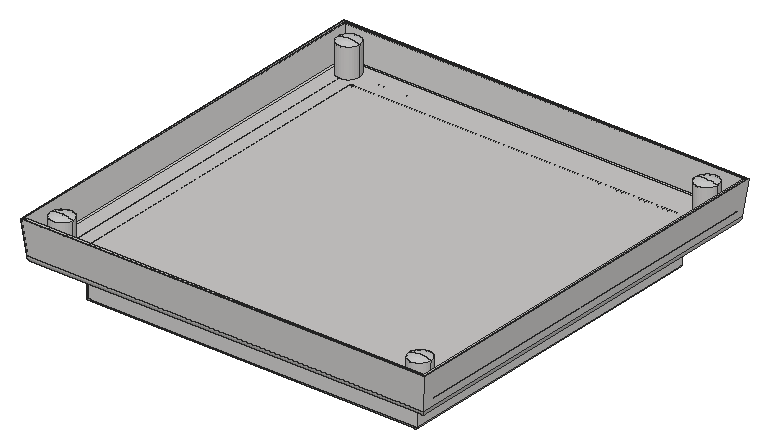
Revit family "Gorter BV THERMO 600x600mm", category Generic Models, host Face, Revit 2019
Family settings
  Host = Face
  Can host rebar = No
  Round Connector Dimension = Use Diameter
  Part Type = Normal
  Cut with Voids When Loaded = Yes
  Shared = No
  Room Calculation Point = No
Parameters (values of type "BV THERMO 600x600mm")
  vullen_met_beton = "ja"  # constant formula
  vergrendeling = "nee"  # constant formula
  uitwendige_lengte = 735 mm
  uitwendige_breedte = 735 mm
  sluiting = "4"  # constant formula
  scharnierend = "nee"  # constant formula
  rubberen_afdichting = "enkel"  # constant formula
  productgroep = ""
  materiaal = bcb_staal
  inbouwhoogte [instance] = 75 mm
  geïsoleerd = "ja"  # constant formula
  gewicht = "23"
  gasdrukveer = "nee"  # constant formula
  brandwerend 90 min = "nee"  # constant formula
  binnenmaat_lengte = uitwendige_lengte - 135 mm  # 600 mm
  binnenmaat_breedte = uitwendige_breedte - 135 mm  # 600 mm
  binnenluik = "tbv betonvulling"  # constant formula
  belasting = "125 kN"  # constant formula
  URL = ""
  RC-waarde = "3.2 m2 K/W"
  Model = "BV THERMO"  # constant formula
  Manufacturer = "Gorter"  # constant formula
  Description = "BV THERMO 66"
  Default Elevation = 1219.2 mm
Types (6, lengths in mm): name | uitwendige_lengte | uitwendige_breedte | gewicht | binnenmaat_lengte | binnenmaat_breedte | Description
  (no name) | 735 | 735 | "23" | 600 | 600 | "BV THERMO 66"
  BV THERMO 600x600mm | 735 | 735 | "23" | 600 | 600 | "BV THERMO 66"
  BV THERMO 800x600mm | 935 | 735 | "29" | 800 | 600 | "BV THERMO 86"
  BV THERMO 800x800mm | 935 | 935 | "33" | 800 | 800 | "BV THERMO 88"
  BV THERMO 1000x600mm | 1135 | 735 | "33" | 1000 | 600 | "BV THERMO 106"
  BV THERMO 600x400mm | 735 | 535 | "23" | 600 | 400 | "BV THERMO 64"
Reference planes
  plane 1 "Center (Front/Back)": y = 0
  plane 2: z = 0
  plane 3 "Center (Left/Right)": x = 0
  plane 4: y = 367.5
  plane 5: y = -367.5
  plane 6: x = 367.5
  plane 7: x = -367.5
  plane 8: z = -75
  plane 9: x = -325.5
  plane 10: y = 325.5
  plane 11: y = -325.5
  plane 12: x = 325.5
  plane 13: x = -205.5
  plane 14: x = 205.5
  plane 15: y = -205.5
  plane 16: y = 205.5
  plane 17: x = -297
  plane 18: x = 297
  plane 19: y = -296.5
  plane 20: y = 296.5
Forms (mm)
  Sweep 1, solid, material "bcb_staal" <- "materiaal", detail levels medium+fine
    path origin (0, 0, 0) x (1, 0, 0) y (0, 1, 0)
      loop
        line (-367.5, 367.5) -> (-367.5, -367.5) -> (367.5, -367.5) -> (367.5, 367.5) -> (-367.5, 367.5)
    profile origin (-367.5, 0, 0) x (-1, 0, 0) y (0, 0, 1)
      loop
        line (0, 0) -> (-2.01, 0) -> (-8.062, -60.739)
        arc (-8.062, -60.739) -> (-19.025, -71.913) -> (-32.302, -63.62) r 12.5
        line (-32.302, -63.62) -> (-34.724, -56.679)
        arc (-34.724, -56.679) -> (-38.41, -54.001) -> (-42.212, -56.51) r 4
        line (-42.212, -56.51) -> (-44.362, -61.868)
        arc (-44.362, -61.868) -> (-48.269, -64.946) -> (-52.899, -63.13) r 5
        line (-52.899, -63.13) -> (-56.64, -57.982)
        arc (-56.64, -57.982) -> (-63.349, -55.792) -> (-67.5, -61.5) r 6
        line (-67.5, -61.5) -> (-67.5, -75) -> (-65.5, -75) -> (-65.5, -61.5)
        arc (-65.5, -61.5) -> (-62.734, -57.695) -> (-58.262, -59.152) r 4
        line (-58.262, -59.152) -> (-54.667, -64.109)
        arc (-54.667, -64.109) -> (-48.142, -66.947) -> (-42.504, -62.607) r 7
        line (-42.504, -62.607) -> (-40.356, -57.255)
        arc (-40.356, -57.255) -> (-38.451, -56.001) -> (-36.61, -57.346) r 2
        line (-36.61, -57.346) -> (-34.19, -64.279)
        arc (-34.19, -64.279) -> (-18.789, -73.899) -> (-6.071, -60.938) r 14.5
        line (-6.071, -60.938) -> (0, 0)
  Sweep 2, solid, material "bcb_staal" <- "materiaal", detail levels medium+fine
    path origin (0, 0, 0) x (1, 0, 0) y (0, 1, 0)
      loop
        line (-367.5, 367.5) -> (-367.5, -367.5) -> (367.5, -367.5) -> (367.5, 367.5) -> (-367.5, 367.5)
    profile origin (-367.5, 0, 0) x (-1, 0, 0) y (0, 0, 1)
      loop
        line (-10.487, -50.628) -> (-2.484, 0) -> (-4.5, 0) -> (-12.438, -50.313)
        arc (-12.438, -50.313) -> (-13.121, -51.538) -> (-14.437, -52.024) r 2.024
        line (-14.437, -52.024) -> (-67.5, -52.024) -> (-67.5, -53.988) -> (-14.751, -53.988)
        arc (-14.751, -53.988) -> (-11.962, -53.142) -> (-10.487, -50.628) r 4
  Sweep 3, solid, material "bcb_staal" <- "materiaal", detail levels coarse
    path origin (0, 0, 0) x (1, 0, 0) y (0, 1, 0)
      loop
        line (-367.5, 367.5) -> (-367.5, -367.5) -> (367.5, -367.5) -> (367.5, 367.5) -> (-367.5, 367.5)
    profile origin (-367.5, 0, 0) x (-1, 0, 0) y (0, 0, 1)
      loop
        line (0, 0) -> (-4.5, 0) -> (-12.74, -52.024) -> (-67.5, -52.024) -> (-67.5, -75) -> (-7.473, -75) -> (0, 0)
  Extrusion 4, solid, material "bcb_staal" <- "materiaal", detail levels medium+fine
    sketch origin (0, 0, 0) x (1, 0, 0) y (0, 1, 0)
      loop
        line (-300, 300) -> (-300, -300) -> (300, -300) -> (300, 300) -> (-300, 300)
    from -53.988 to -52
  Extrusion 5, solid, material "bcb_staal" <- "materiaal", detail levels coarse
    sketch origin (0, 0, 0) x (1, 0, 0) y (0, 1, 0)
      loop
        line (-300, 300) -> (-300, -300) -> (300, -300) -> (300, 300) -> (-300, 300)
    from -75 to -52.024
  Extrusion 6, void
    sketch origin (0, 0, 0) x (1, 0, 0) y (0, 1, 0)
      loop
        line (-205.5, -205.5) -> (205.5, -205.5) -> (205.5, 205.5) -> (-205.5, 205.5) -> (-205.5, -205.5)
    from -500 to 10
  Sweep 7, void
    path origin (0, 0, 0) x (1, 0, 0) y (0, 1, 0)
      loop
        line (-367.5, 367.5) -> (-367.5, -367.5) -> (367.5, -367.5) -> (367.5, 367.5) -> (-367.5, 367.5)
    profile origin (-367.5, 0, 0) x (-1, 0, 0) y (0, 0, 1)
      loop
        line (0.498, 5) -> (-162, 5) -> (-162, -365) -> (-65.5, -365) -> (-65.5, -75) -> (-7.473, -75) -> (0.498, 5)
  Sweep 8, solid, material "bcb_staal" <- "materiaal"
    path origin (0, 0, 0) x (1, 0, 0) y (0, 1, 0)
      loop
        line (-367.5, 367.5) -> (-367.5, -367.5) -> (367.5, -367.5) -> (367.5, 367.5) -> (-367.5, 367.5)
    profile origin (-367.5, 0, 0) x (-1, 0, 0) y (0, 0, 1)
      loop
        line (-58.5, -55.001) -> (-58.5, -54.001) -> (-66.5, -54.001)
        arc (-66.5, -54.001) -> (-67.914, -54.587) -> (-68.5, -56.001) r 2
        line (-68.5, -56.001) -> (-68.5, -136)
        arc (-68.5, -136) -> (-68.793, -136.707) -> (-69.5, -137) r 1
        line (-69.5, -137) -> (-82.5, -137) -> (-82.5, -138) -> (-69.5, -138)
        arc (-69.5, -138) -> (-68.086, -137.414) -> (-67.5, -136) r 2
        line (-67.5, -136) -> (-67.5, -56.001)
        arc (-67.5, -56.001) -> (-67.207, -55.294) -> (-66.5, -55.001) r 1
        line (-66.5, -55.001) -> (-58.5, -55.001)
  Extrusion 9, solid, material "bcb_pe"
    sketch origin (0, 0, 0) x (1, 0, 0) y (0, 1, 0)
      loop
        line (-297, 296.5) -> (-297, -296.5) -> (297, -296.5) -> (297, 296.5) -> (-297, 296.5)
    from -137 to -57.982
Cuts and joins
  joined: Sweep 2, Extrusion 4
  joined: Sweep 3, Extrusion 5
Dimensions and locks
  equal spacing: plane 7, plane 3 "Center (Left/Right)", plane 6
  "uitwendige_breedte": plane 7 to plane 6
  equal spacing: plane 4, plane 1 "Center (Front/Back)", plane 5
  "uitwendige_lengte": plane 4 to plane 5
  locked: plane 4 to plane 10 at 42
  locked: plane 7 to plane 9 at 42
  locked: plane 12 to plane 6 at 42
  locked: plane 5 to plane 11 at 42
  locked: plane 9 to plane 13 at 120
  locked: plane 14 to plane 12 at 120
  locked: plane 15 to plane 11 at 120
  locked: plane 10 to plane 16 at 120
  locked: plane 9 to plane 17 at 28.5
  locked: plane 18 to plane 12 at 28.5
  locked: plane 11 to plane 19 at 29
  locked: plane 10 to plane 20 at 29
  aligned and locked: plane 2 to host face
  aligned and locked: level to host face
  aligned and locked: Sweep 1 sketch curve to plane 4
  aligned and locked: plane 7 to Sweep 1 sketch curve
  aligned and locked: plane 5 to Sweep 1 sketch curve
  aligned and locked: Sweep 1 sketch curve to plane 6
  aligned and locked: Sweep 2 sketch curve to Sweep 1  (x4)
  aligned and locked: Sweep 3 sketch curve to Sweep 1  (x4)
  aligned and locked: Extrusion 4 sketch curve to Sweep 1  (x4)
  aligned and locked: Extrusion 5 sketch curve to Sweep 3  (x2)
  aligned and locked: Extrusion 5 sketch curve to Sweep 1  (x2)
  aligned and locked: plane 9 to nested 1
  aligned and locked: nested 1 to plane 10
  aligned and locked: nested 2 to plane 12
  aligned and locked: plane 10 to nested 2
  aligned and locked: plane 11 to nested 3
  aligned and locked: nested 3 to plane 9
  aligned and locked: nested 4 to plane 11
  aligned and locked: plane 12 to nested 4
  aligned and locked: Extrusion 6 to plane 16
  aligned and locked: Extrusion 6 to plane 14
  aligned and locked: Extrusion 6 to plane 15
  aligned and locked: Extrusion 6 to plane 13
  aligned and locked: Sweep 7 sketch curve to plane 4
  aligned and locked: Sweep 7 sketch curve to plane 6
  aligned and locked: plane 5 to Sweep 7 sketch curve
  aligned and locked: plane 7 to Sweep 7 sketch curve
  aligned and locked: Sweep 8 sketch curve to plane 4
  aligned and locked: Sweep 8 sketch curve to plane 6
  aligned and locked: plane 7 to Sweep 8 sketch curve
  aligned and locked: plane 5 to Sweep 8 sketch curve
  aligned and locked: Extrusion 9 sketch curve to plane 20
  aligned and locked: Extrusion 9 sketch curve to plane 18
  aligned and locked: Extrusion 9 sketch curve to plane 19
  aligned and locked: Extrusion 9 sketch curve to plane 17
Automatic sketch dimensions
  host sketch curve to host sketch curve = 2000 mm  (x2)
  Sweep 1 sketch curve to profile plane = 0 mm
  profile plane to Sweep 1 sketch curve = 6.071 mm
  Sweep 1 sketch curve to Sweep 1 sketch curve = 1.99 mm
  Sweep 1 sketch curve to Sweep 1 sketch curve = 12.438 mm
  Sweep 1 sketch curve to Sweep 1 sketch curve = 0 mm  (x6)
  Sweep 1 sketch curve to Sweep 1 sketch curve = 11.802 mm
  Sweep 1 sketch curve to Sweep 1 sketch curve = 1.888 mm
  Sweep 1 sketch curve to Sweep 1 sketch curve = 2.423 mm
  Sweep 1 sketch curve to Sweep 1 sketch curve = 1.886 mm
  Sweep 1 sketch curve to Sweep 1 sketch curve = 1.89 mm
  Sweep 1 sketch curve to Sweep 1 sketch curve = 1.856 mm  (x2)
  Sweep 1 sketch curve to Sweep 1 sketch curve = 2.147 mm
  Sweep 1 sketch curve to Sweep 1 sketch curve = 1.858 mm
  Sweep 1 sketch curve to Sweep 1 sketch curve = 4.638 mm
  Sweep 1 sketch curve to Sweep 1 sketch curve = 3.899 mm
  Sweep 1 sketch curve to Sweep 1 sketch curve = 1.768 mm
  Sweep 1 sketch curve to Sweep 1 sketch curve = 3.741 mm
  Sweep 1 sketch curve to Sweep 1 sketch curve = 1.622 mm
  Sweep 1 sketch curve to Sweep 1 sketch curve = 3.238 mm
  Sweep 1 sketch curve to Sweep 1 sketch curve = 4 mm
  Sweep 1 sketch curve to Sweep 1 sketch curve = 2 mm
  Sweep 1 sketch curve to level = 56.51 mm
  Sweep 1 sketch curve to Sweep 1 sketch curve = 0.169 mm
  Sweep 1 sketch curve to Sweep 1 sketch curve = 0.745 mm
  Sweep 1 sketch curve to Sweep 1 sketch curve = 0.654 mm
  Sweep 1 sketch curve to Sweep 1 sketch curve = 1.471 mm
  Sweep 1 sketch curve to Sweep 1 sketch curve = 1.17 mm
  Sweep 1 sketch curve to Sweep 1 sketch curve = 2.821 mm
  Sweep 1 sketch curve to Sweep 1 sketch curve = 3.49 mm
  Sweep 1 sketch curve to Sweep 1 sketch curve = 1.239 mm
  Sweep 1 sketch curve to Sweep 1 sketch curve = 0.198 mm
  Sweep 1 sketch curve to Sweep 1 sketch curve = 1.867 mm
  Sweep 1 sketch curve to Sweep 1 sketch curve = 0.739 mm
  Sweep 1 sketch curve to Sweep 1 sketch curve = 13.5 mm
  profile plane to Sweep 1 sketch curve = 2.01 mm
  Sweep 1 sketch curve to Sweep 1 sketch curve = 60.938 mm
  Sweep 2 sketch curve to level = 0 mm
  profile plane to Sweep 2 sketch curve = 14.751 mm
  Sweep 2 sketch curve to Sweep 2 sketch curve = 0.313 mm  (x2)
  Sweep 2 sketch curve to Sweep 2 sketch curve = 0 mm  (x2)
  Sweep 2 sketch curve to Sweep 2 sketch curve = 1.95 mm
  Sweep 2 sketch curve to Sweep 2 sketch curve = 0.315 mm
  Sweep 2 sketch curve to Sweep 2 sketch curve = 53.063 mm
  profile plane to Sweep 2 sketch curve = 4.5 mm
  Sweep 2 sketch curve to Sweep 2 sketch curve = 2.016 mm
  Sweep 2 sketch curve to level = 52.024 mm
  Sweep 2 sketch curve to Sweep 2 sketch curve = 1.963 mm
  Sweep 3 sketch curve to level = 0 mm
  Sweep 3 sketch curve to profile plane = 0 mm
  profile plane to Sweep 3 sketch curve = 4.5 mm
  profile plane to Sweep 3 sketch curve = 12.74 mm
  Sweep 3 sketch curve to Sweep 3 sketch curve = 54.76 mm
  Sweep 3 sketch curve to level = 52.024 mm
  profile plane to Sweep 3 sketch curve = 7.473 mm
  Sweep 3 sketch curve to Sweep 3 sketch curve = 22.976 mm
  Extrusion 6 sketch curve to plane 11 = 120 mm
  Extrusion 6 sketch curve to plane 1 "Center (Front/Back)" = 205.5 mm
  Extrusion 6 sketch curve to plane 13 = 0 mm
  Extrusion 6 sketch curve to plane 14 = 0 mm
  level to Sweep 7 sketch curve = 5 mm
  profile plane to Sweep 7 sketch curve = 162 mm
  profile plane to Sweep 7 sketch curve = 65.5 mm
  profile plane to Sweep 7 sketch curve = 7.473 mm
  Sweep 7 sketch curve to profile plane = 0.498 mm
  Sweep 7 sketch curve to level = 75 mm
  Sweep 7 sketch curve to Sweep 7 sketch curve = 290 mm
  Sweep 8 sketch curve to Sweep 8 sketch curve = 0 mm  (x4)
  Sweep 8 sketch curve to Sweep 8 sketch curve = 1 mm  (x2)
  Sweep 8 sketch curve to Sweep 8 sketch curve = 8 mm
  Sweep 8 sketch curve to level = 56.001 mm
  profile plane to Sweep 8 sketch curve = 69.5 mm
  profile plane to Sweep 8 sketch curve = 68.5 mm
  Sweep 8 sketch curve to Sweep 8 sketch curve = 79.999 mm
  Sweep 8 sketch curve to Sweep 8 sketch curve = 13 mm
Nested families
  nested 1: "NLRS_33_GM_FB_TC_GORTER_vloerluik_BV_BCB_Inbusbout" at (-325.5, 325.5, -52.024), type "NLRS_33_GM_FB_TC_GORTER_vloerluik_BV_BCB_Inbusbout"
  nested 2: "NLRS_33_GM_FB_TC_GORTER_vloerluik_BV_BCB_Inbusbout" at (325.5, 325.5, -52.024) x (-1, 0, 0) z (0, 0, 1), type "NLRS_33_GM_FB_TC_GORTER_vloerluik_BV_BCB_Inbusbout"
  nested 3: "NLRS_33_GM_FB_TC_GORTER_vloerluik_BV_BCB_Inbusbout" at (-325.5, -325.5, -52.024), type "NLRS_33_GM_FB_TC_GORTER_vloerluik_BV_BCB_Inbusbout"
  nested 4: "NLRS_33_GM_FB_TC_GORTER_vloerluik_BV_BCB_Inbusbout" at (325.5, -325.5, -52.024) x (-1, 0, 0) z (0, 0, 1), type "NLRS_33_GM_FB_TC_GORTER_vloerluik_BV_BCB_Inbusbout"
Definition of nested family "NLRS_33_GM_FB_TC_GORTER_vloerluik_BV_BCB_Inbusbout"
  Parameters
    materiaal = none
    Default Elevation = 1219.2 mm
  Reference planes
    plane 1 "Center (Front/Back)": y = 0
    plane 2: z = 0
    plane 3 "Center (Left/Right)": x = 0
  Forms (mm)
    Extrusion 1, solid, not visible
      sketch origin (0, 0, 0) x (1, 0, 0) y (0, 1, 0)
        loop
          line (-250, 250) -> (-250, -250) -> (250, -250) -> (250, 250) -> (-250, 250)
      from 0 to -100
    Extrusion 2, solid, material <- "materiaal", detail levels medium+fine
      sketch origin (0, 0, 0) x (1, 0, 0) y (0, 1, 0)
        loop
          circle (0, 0) r 20
      from 0 to 52
    Revolve 3, solid, detail levels medium+fine
      sketch origin (0, 0, 0) x (1, 0, 0) y (0, 0, 1)
        loop
          line (-20, 52) -> (0, 52) -> (0, 56)
          arc (0, 56) -> (-10.198, 54.99) -> (-20, 52) r 52
        axis (0, 56) -> (0, 52)
      angle from 0 to 360
  Dimensions and locks
    aligned and locked: plane 2 to Extrusion 1
    aligned and locked: level to Extrusion 1
